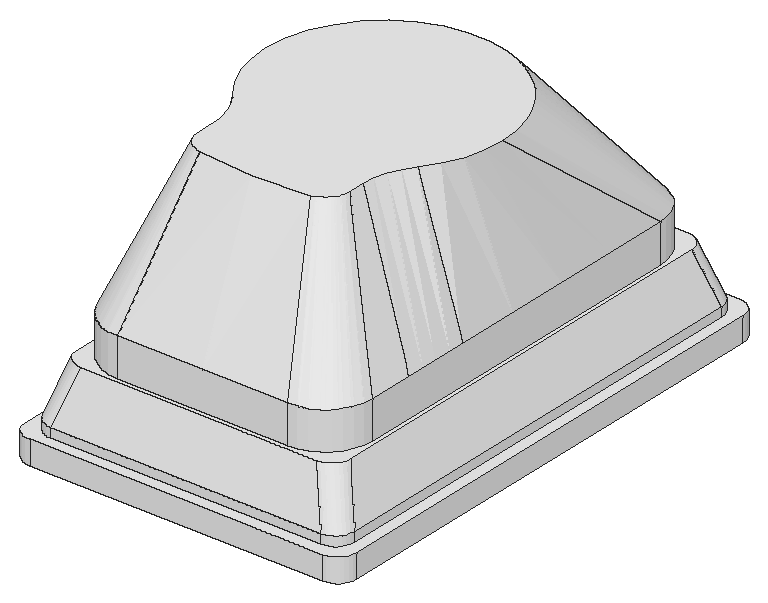
Revit family "PRD_AR_MxrTps_WallFlange_ACXM1002 2", category Plumbing Fixtures, host Face, Revit 2023
Family settings
  Host = Face
  Round Connector Dimension = Use Diameter
  Part Type = Normal
  OmniClass Number = 23.45.55.11
  OmniClass Title = Sanitary Components
  Enable Cutting in Views = No
  Cut with Voids When Loaded = No
  Maintain Annotation Orientation = No
  Shared = No
  Room Calculation Point = No
Parameters (values of type "ACXM1002")
  WarrantyStartDate [instance] = "1900-12-31T23:59:59"
  WarrantyGuarantorParts = "n/a"
  WarrantyGuarantorLabor = "n/a"
  WarrantyDurationUnit = "n/a"
  WarrantyDurationParts = "n/a"
  WarrantyDurationLabor = "n/a"
  WarrantyDescription = "n/a"
  Version = "1"
  Uniclass2015Version = "Products v1.38"
  Uniclass2015Title = "Mixer taps"
  Uniclass2015Code = "Pr_40_20_87_55"
  URL = "www.kwc-professional.com"
  Type IFC Predefined Type = "BRACKET"
  TagNumber [instance] = "n/a"
  SustainabilityPerformance = "n/a"
  Status = "New"
  Size = "n/a"
  Shape = "n/a"
  SerialNumber [instance] = "n/a"
  Revision = "n/a"
  ReplacementCost = "n/a"
  Reference = "n/a"
  QuantityUOM = "piece"
  Quantity = "1"
  ProductInformation = "http://pim.kwc.com/product/2030058762/attachment/datasheet?locale=en"
  NominalWidth = 70.00 mm
  NominalHeight = 110.00 mm
  NominalDepth = 60.00 mm
  Name = "Wall flange ACXM1002"
  NBSTypeID = "n/a"
  NBSReference = "45-35-70/345"
  NBSOfficeMasterTag = "n/a"
  NBSNote = "n/a"
  NBSDescription = "Taps and water supply fittings for wash basins and troughs"
  NBSCertification = "n/a"
  ModelReference = "ACXM1002"
  ModelNumber = "2030058762"
  Model = ModelReference  # "ACXM1002"
  Material = "chrome-plated brass"
  ManufacturerURL = "www.kwc-professional.com"
  ManufacturerName = "KWC Group Management AG"  # constant formula
  Manufacturer = ManufacturerName  # "KWC Group Management AG"
  IsInsulated = no
  IsExternal = no
  BodyMaterial = PRD_AR_ChromatedBrass_HighPolished
  InstallationDate [instance] = "1900-12-31T23:59:59"
  IfcExportType = "BRACKET"
  IfcExportAs = "IfcDiscreteAccessory"
  Grade = "n/a"
  Finish = "high-polished"
  Features = "All-metal construction, high-polished chrome-plated brass, adjustable water connections."
  Export Type to IFC As = "IfcDiscreteAccessoryType"
  ExpectedLife = "n/a"
  DurationUnit = "n/a"
  Description = "Wall flange for washbasin mixers with water connections positioned above one another. All-metal construction, high-polished chrome-plated brass, adjustable water connections."
  Default Elevation = 1050.00 mm
  CreatedOn = "11/2025"  # constant formula
  Constituents = "n/a"
  Color = "n/a"
  CodePerformance = "n/a"
  Category = "PR_40_20_87_55, Mixer taps"
  BarCode [instance] = "n/a"
  BIMObjectName = "PRD_AR_MixerTaps_WallFlange_ACXM1002"
  Author = "Archispace"  # constant formula
  AssetType = "Fixed"
  AssetIdentifier [instance] = "n/a"
  AccessibilityPerformance = "n/a"
Reference planes
  plane 1 "Center (Front/Back)": y = 0
  plane 2: z = 0
  plane 3 "Center (Left/Right)": x = 0
  plane 4: z = 26.3
Dimensions and locks
  aligned and locked: plane 2 to host face
  aligned and locked: level to host face
Nested families
  nested 1: "ACXM1002" at (0, 0, 0), type "ACXM1002"
Definition of nested family "ACXM1002"
  Parameters (values of type "ACXM1002")
    BodyMaterial = none
    Default Elevation = 0.00 mm
  Reference planes
    plane 1 "Center (Front/Back)": y = 0
    plane 2: z = 0
    plane 3 "Center (Left/Right)": x = 0
    plane 4: y = 55
    plane 5: y = -55
    plane 6: x = -35
    plane 7: x = 35
  Forms (mm)
    Extrusion 1, solid, material <- "BodyMaterial", detail levels medium+fine
      sketch origin (0, 0, 0) x (1, 0, 0) y (0, 1, 0)
        loop
          arc (-31, 55) -> (-33.828, 53.828) -> (-35, 51) r 4
          line (-35, 51) -> (-35, -51)
          arc (-35, -51) -> (-33.828, -53.828) -> (-31, -55) r 4
          line (-31, -55) -> (31, -55)
          arc (31, -55) -> (33.828, -53.828) -> (35, -51) r 4
          line (35, -51) -> (35, 51)
          arc (35, 51) -> (33.828, 53.828) -> (31, 55) r 4
          line (31, 55) -> (-31, 55)
      from 0 to 5
    SweptBlend 2, solid, material <- "BodyMaterial", detail levels medium+fine
      path origin (0, 0, 0) x (1, 0, 0) y (0, 0, 1)
        loop
          line (0, 7) -> (0, 18)
      profile origin (0, 0, 7) x (-1, 0, 0) y (0, -1, 0)
        loop
          arc (28.5, -52.5) -> (31.328, -51.328) -> (32.5, -48.5) r 4
          line (32.5, -48.5) -> (32.5, 48.5)
          arc (32.5, 48.5) -> (31.328, 51.328) -> (28.5, 52.5) r 4
          line (28.5, 52.5) -> (-28.5, 52.5)
          arc (-28.5, 52.5) -> (-31.328, 51.328) -> (-32.5, 48.5) r 4
          line (-32.5, 48.5) -> (-32.5, -48.5)
          arc (-32.5, -48.5) -> (-31.328, -51.328) -> (-28.5, -52.5) r 4
          line (-28.5, -52.5) -> (28.5, -52.5)
      end profile origin (0, 0, 18) x (-1, 0, 0) y (0, -1, 0)
        loop
          arc (25, -49) -> (27.828, -47.828) -> (29, -45) r 4
          line (29, -45) -> (29, 45)
          arc (29, 45) -> (27.828, 47.828) -> (25, 49) r 4
          line (25, 49) -> (-25, 49)
          arc (-25, 49) -> (-27.828, 47.828) -> (-29, 45) r 4
          line (-29, 45) -> (-29, -45)
          arc (-29, -45) -> (-27.828, -47.828) -> (-25, -49) r 4
          line (-25, -49) -> (25, -49)
    Sweep 3, solid, material <- "BodyMaterial", detail levels medium+fine
      path origin (0, 0, 0) x (1, 0, 0) y (0, 0, 1)
        loop
          line (0, 5) -> (0, 7)
      profile origin (0, 0, 6) x (-1, 0, 0) y (0, -1, 0)
        loop
          arc (28.5, -52.5) -> (31.328, -51.328) -> (32.5, -48.5) r 4
          line (32.5, -48.5) -> (32.5, 48.5)
          arc (32.5, 48.5) -> (31.328, 51.328) -> (28.5, 52.5) r 4
          line (28.5, 52.5) -> (-28.5, 52.5)
          arc (-28.5, 52.5) -> (-31.328, 51.328) -> (-32.5, 48.5) r 4
          line (-32.5, 48.5) -> (-32.5, -48.5)
          arc (-32.5, -48.5) -> (-31.328, -51.328) -> (-28.5, -52.5) r 4
          line (-28.5, -52.5) -> (28.5, -52.5)
    Extrusion 4, solid, material <- "BodyMaterial", detail levels medium+fine
      sketch origin (0, 0, 0) x (1, 0, 0) y (0, 1, 0)
        loop
          line (18, 48) -> (-18, 48)
          arc (-18, 48) -> (-25.071, 45.071) -> (-28, 38) r 10
          line (-28, 38) -> (-28, -38)
          arc (-28, -38) -> (-25.071, -45.071) -> (-18, -48) r 10
          line (-18, -48) -> (18, -48)
          arc (18, -48) -> (25.071, -45.071) -> (28, -38) r 10
          line (28, -38) -> (28, 38)
          arc (28, 38) -> (25.071, 45.071) -> (18, 48) r 10
      from 18 to 26
    Extrusion 5, solid, material <- "BodyMaterial", detail levels medium+fine
      sketch origin (0, -3.5, 0) x (1, 0, 0) y (0, 1, 0)
        loop
          circle (0, 18) r 10.5
        loop
          circle (0, -18) r 10.5
      from 0 to -14
    SweptBlend 6, solid, material <- "BodyMaterial", detail levels medium+fine
      path origin (0, 0, 0) x (1, 0, 0) y (0, 0, 1)
        loop
          line (0, 26) -> (0, 57)
      profile origin (0, 0, 26) x (-1, 0, 0) y (0, -1, 0)
        loop
          arc (18, -48) -> (25.071, -45.071) -> (28, -38) r 10
          line (28, -38) -> (28, 14.25) -> (28, 28.5) -> (28, 38)
          arc (28, 38) -> (25.071, 45.071) -> (18, 48) r 10
          line (18, 48) -> (-18, 48)
          arc (-18, 48) -> (-25.071, 45.071) -> (-28, 38) r 10
          line (-28, 38) -> (-28, 28.5) -> (-28, 14.25) -> (-28, -38)
          arc (-28, -38) -> (-25.071, -45.071) -> (-18, -48) r 10
          line (-18, -48) -> (18, -48)
      end profile origin (0, 0, 57) x (-1, 0, 0) y (0, -1, 0)
        loop
          arc (11.786, 34.068) -> (0, 35) -> (-11.786, 34.068) r 75
          arc (-11.786, 34.068) -> (-14.803, 32.376) -> (-16, 29.13) r 5
          line (-16, 29.13) -> (-16, 25.632)
          arc (-16, 25.632) -> (-16.904, 20.331) -> (-19.512, 15.629) r 16
          arc (-19.512, 15.629) -> (-23.588, 8.282) -> (-25, 0) r 25
          arc (-25, 0) -> (-19.906, -15.125) -> (-6.698, -24.086) r 25
          arc (-6.698, -24.086) -> (0, -25) -> (6.698, -24.086) r 25
          arc (6.698, -24.086) -> (19.906, -15.125) -> (25, 0) r 25
          arc (25, 0) -> (23.588, 8.282) -> (19.512, 15.629) r 25
          arc (19.512, 15.629) -> (16.904, 20.331) -> (16, 25.632) r 16
          line (16, 25.632) -> (16, 29.13)
          arc (16, 29.13) -> (14.803, 32.376) -> (11.786, 34.068) r 5
    Extrusion 7, solid, material <- "BodyMaterial", detail levels coarse
      sketch origin (0, 0, 0) x (1, 0, 0) y (0, 1, 0)
        loop
          line (-35, 55) -> (-35, -55) -> (35, -55) -> (35, 55) -> (-35, 55)
      from 57 to 0
  Lines and regions (mm)
    model lines
      curve 1: line (-7, -3.5, 57) -> (7, -3.5, 57)
      curve 2: line (0, 3.5, 57) -> (0, -10.5, 57)
      curve 3: circle (0, -3.5, 57) r 7 normal (0, 0, 1)
      curve 4: circle (0, 14.5, 57) r 7.5 normal (0, 0, 1)
      curve 5: circle (0, -21.5, 57) r 7.5 normal (0, 0, -1)
  Dimensions and locks
    equal spacing: plane 6, plane 3 "Center (Left/Right)", plane 7
    plane 6 to plane 7 = 70.00 mm
    equal spacing: plane 4, plane 1 "Center (Front/Back)", plane 5
    plane 4 to plane 5 = 110.00 mm
    aligned and locked: level to plane 2
  Automatic sketch dimensions
    Extrusion 1 sketch curve to plane 6 = 0.00 mm
    Extrusion 1 sketch curve to plane 4 = 0.00 mm
    Extrusion 1 sketch curve to plane 5 = 0.00 mm
    Extrusion 1 sketch curve to plane 7 = 0.00 mm
    Extrusion 1 sketch curve to plane 4 = 4.00 mm
    Extrusion 1 sketch curve to plane 3 "Center (Left/Right)" = 31.00 mm
    Extrusion 1 sketch curve to plane 7 = 4.00 mm  (x2)
    SweptBlend 2 sketch curve to plane 3 "Center (Left/Right)" = 0.00 mm
    level to SweptBlend 2 sketch curve = 7.00 mm
    SweptBlend 2 sketch curve to SweptBlend 2 sketch curve = 11.00 mm
    profile plane to SweptBlend 2 sketch curve = 32.50 mm
    SweptBlend 2 sketch curve to SweptBlend 2 sketch curve = 4.00 mm  (x6)
    SweptBlend 2 sketch curve to profile plane = 28.50 mm  (x2)
    SweptBlend 2 sketch curve to plane 1 "Center (Front/Back)" = 52.50 mm
    plane 1 "Center (Front/Back)" to SweptBlend 2 sketch curve = 48.50 mm
    profile plane to SweptBlend 2 sketch curve = 29.00 mm
    SweptBlend 2 sketch curve to profile plane = 25.00 mm  (x2)
    SweptBlend 2 sketch curve to plane 1 "Center (Front/Back)" = 49.00 mm
    plane 1 "Center (Front/Back)" to SweptBlend 2 sketch curve = 45.00 mm
    Sweep 3 sketch curve to plane 3 "Center (Left/Right)" = 0.00 mm
    level to Sweep 3 sketch curve = 5.00 mm
    Sweep 3 sketch curve to Sweep 3 sketch curve = 2.00 mm
    Sweep 3 sketch curve to profile plane = 28.50 mm
    Sweep 3 sketch curve to plane 1 "Center (Front/Back)" = 52.50 mm
    Sweep 3 sketch curve to Sweep 3 sketch curve = 4.00 mm  (x4)
    plane 1 "Center (Front/Back)" to Sweep 3 sketch curve = 48.50 mm
    profile plane to Sweep 3 sketch curve = 28.50 mm
    plane 6 to Extrusion 4 sketch curve = 7.00 mm
    Extrusion 4 sketch curve to Extrusion 4 sketch curve = 10.00 mm  (x3)
    Extrusion 4 sketch curve to plane 7 = 17.00 mm  (x2)
    plane 5 to Extrusion 4 sketch curve = 7.00 mm
    Extrusion 4 sketch curve to plane 4 = 17.00 mm
    Extrusion 5 sketch curve to plane 3 "Center (Left/Right)" = 0.00 mm  (x2)
    plane 1 "Center (Front/Back)" to Extrusion 5 sketch curve = 21.50 mm
    Extrusion 5 sketch curve to plane 1 "Center (Front/Back)" = 14.50 mm
    SweptBlend 6 sketch curve to plane 3 "Center (Left/Right)" = 0.00 mm
    level to SweptBlend 6 sketch curve = 26.00 mm
    SweptBlend 6 sketch curve to SweptBlend 6 sketch curve = 31.00 mm
    plane 1 "Center (Front/Back)" to SweptBlend 6 sketch curve = 0.00 mm
    SweptBlend 6 sketch curve to profile plane = 0.00 mm  (x2)
    profile plane to SweptBlend 6 sketch curve = 11.00 mm
    SweptBlend 6 sketch curve to SweptBlend 6 sketch curve = 5.00 mm  (x2)
    SweptBlend 6 sketch curve to SweptBlend 6 sketch curve = 16.00 mm  (x2)
    SweptBlend 6 sketch curve to profile plane = 11.00 mm
    SweptBlend 6 sketch curve to plane 1 "Center (Front/Back)" = 40.00 mm
    plane 1 "Center (Front/Back)" to SweptBlend 6 sketch curve = 25.632 mm  (x2)
    SweptBlend 6 sketch curve to SweptBlend 6 sketch curve = 3.498 mm  (x2)
    SweptBlend 6 sketch curve to SweptBlend 6 sketch curve = 0.00 mm  (x8)
    profile plane to SweptBlend 6 sketch curve = 6.698 mm
    SweptBlend 6 sketch curve to profile plane = 6.698 mm
    SweptBlend 6 sketch curve to SweptBlend 6 sketch curve = 10.00 mm  (x3)
    SweptBlend 6 sketch curve to profile plane = 18.00 mm  (x2)
    SweptBlend 6 sketch curve to plane 1 "Center (Front/Back)" = 48.00 mm
    plane 1 "Center (Front/Back)" to SweptBlend 6 sketch curve = 14.25 mm  (x2)
    SweptBlend 6 sketch curve to SweptBlend 6 sketch curve = 14.25 mm  (x2)
    SweptBlend 6 sketch curve to SweptBlend 6 sketch curve = 9.50 mm
    profile plane to SweptBlend 6 sketch curve = 18.00 mm
    Extrusion 7 sketch curve to plane 5 = 0.00 mm
    Extrusion 7 sketch curve to plane 6 = 0.00 mm
    Extrusion 7 sketch curve to plane 7 = 0.00 mm
    Extrusion 7 sketch curve to plane 4 = 0.00 mm
    curve 3 to Extrusion 7 = 35.00 mm
    curve 4 to curve 3 = 0.00 mm
    curve 5 to curve 3 = 0.00 mm
    curve 5 to Extrusion 7 = 33.50 mm
    curve 5 to curve 3 = 18.00 mm
    curve 3 to curve 4 = 18.00 mm
    curve 2 to curve 3 = 0.00 mm
    curve 1 to curve 3 = 7.00 mm
    curve 3 to curve 1 = 0.00 mm
    radius of Extrusion 5 sketch curve = 10.50 mm  (x2)
    radius of curve 4 = 7.50 mm
    radius of curve 5 = 7.50 mm
